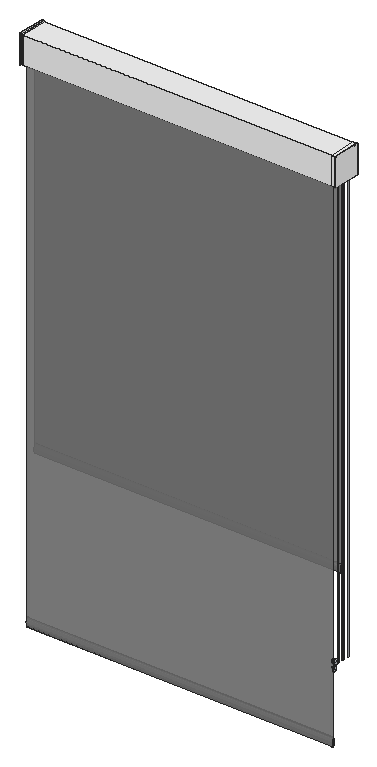
Revit family "WindowShade_RolleaseAcmeda_ContractSeries_5inFascia_DualShade_R20", category Specialty Equipment, host Wall, Revit 2020
Family settings
  Host = Wall
  Round Connector Dimension = Use Diameter
  Part Type = Normal
  Always vertical = Yes
  Cut with Voids When Loaded = No
  Shared = No
  Room Calculation Point = No
Parameters (values of type "5'W x 8'Drop - Manual Left - White")
  Weight Bar = RA - FINISH - WHITE
  URL = "https://www.rolleaseacmedacontract.com/resources/"
  Shade Width Calc = if(Input Bracket Width < 1' 6", 1' 6", if(Input Bracket Width > 12' 0", 12' 0", Input Bracket Width))  # 5' - 0"
  Shade 2 Calc = Shade Drop Calc * 0.7  # 5' - 7.2"
  Model = "RA - Contract Series"
  Manufacturer = "Rollease Acmeda"
  Input Bracket Width = 5' - 0"
  Shade Fabric = RA - FABRIC - AMBIENT REVIEW
  Shade Drop Calc = if(Input Shade Drop < 0' 0", 1' 0" / 12, if(Input Shade Drop > 12' 0", 12' 0", Input Shade Drop))  # 8' - 0"
  Input Shade Drop = 8' - 0"
  Description = "RAC Series 1 - 5\" Fascia System"
  Contact Email = "contract@rolleaseacmeda.com"
  Drive Motorized Calc = and(not([Drive Manual LH (Select One)]), not([Drive Manual RH (Select One)]))  # no
  Drive Manual Right Calc = and(not([Drive Manual LH (Select One)]), not([Drive Motorized (Select One)]))  # no
  Drive Manual Left Calc = and(not([Drive Manual RH (Select One)]), not([Drive Motorized (Select One)]))  # yes
  Drive Manual RH (Select One) = no
  Drive Manual LH (Select One) = yes
  Header Finish = RA - FINISH - WHITE
  Drive Motorized (Select One) = no
  Default Elevation = 10' - 0"
  Contact Phone = "1-800-552-5100"
  Chain Length = Shade Drop Calc * 0.85  # 6' - 9.6"
  Drop Bar Silent Weight = no
  Drop Bar Internal Hem = not(Drop Bar Silent Weight)  # yes
Types (3): name | Drive Motorized Calc | Drive Manual Right Calc | Drive Manual Left Calc | Drive Manual RH (Select One) | Drive Manual LH (Select One) | Drive Motorized (Select One)
  5'W x 8'Drop - Manual Left - White | no | no | yes | no | yes | no
  5'W x 8'Drop - Manual Right - White | no | yes | no | yes | no | no
  5'W x 8'Drop - Motorized - White | yes | no | no | no | no | yes
Reference planes (in)
  plane 1: y = 0
  plane 2 "Center (Left/Right)": x = 0
  plane 3 "Back": y = 3
  plane 4 "B.O. Header": z = 51.22662
  plane 5 "B.O. Shade": z = -44.77338
  plane 6: x = 30
  plane 7: x = -30
  plane 8: x = -29.19
  plane 9: x = 29.19
Forms (in)
  Extrusion 1, solid, material "RA - FABRIC - AMBIENT REVIEW" <- "Shade Fabric"
    sketch origin (0, 3, -30) x (1, 0, 0) y (0, 0, 1)
      loop
        line (29.19, 81.22662) -> (-29.19, 81.22662) -> (-29.19, -14.77338) -> (29.19, -14.77338) -> (29.19, 81.22662)
    from -0.5 to -0.625
  Sweep 2, solid, material "RA - FABRIC - AMBIENT REVIEW" <- "Shade Fabric", visible <- "Drop Bar Internal Hem", detail levels fine
    path in 3D
      loop
        line (29.19, 3.625, -44.77338) -> (-29.19, 3.625, -44.77338)
    profile "PROFILE - SEALED HEM : PROFILE - SEALED HEM" origin (0, 3.625, -44.77338) x (0, 1, 0) y (0, 0, -1)
      loop
        arc (-0.04652, -0.00918) -> (-0.21009, -0.8709) -> (-0.06158, -1.73535) r 2.46494
        line (-0.06158, -1.73535) -> (0.0003, -1.73535)
        arc (0.0003, -1.73535) -> (0.14882, -0.8709) -> (-0.01476, -0.00918) r 2.46494
        arc (-0.01476, -0.00918) -> (-0.03064, 0.00091) -> (-0.04652, -0.00918) r 0.01753
  Sweep 3, solid, material "RA - FINISH - WHITE" <- "Weight Bar", visible <- "Drop Bar Silent Weight", detail levels fine
    path in 3D
      loop
        line (29.19, 3.625, -44.77338) -> (-29.19, 3.625, -44.77338)
    profile "PROFILE - WEIGHTED DROP : PROFILE - WEIGHTED DROP" origin (0, 3.625, -44.77338) x (0, 1, 0) y (0, 0, -1)
      loop
        arc (0.17315, -1.26562) -> (0.2326, -0.91458) -> (0.23882, -0.55859) r 2.37109
        line (0.23882, -0.55859) -> (0.19081, -0.55859) -> (0.19081, -0.49609) -> (0.23438, -0.49609)
        arc (0.23438, -0.49609) -> (0.21114, -0.30933) -> (0.17315, -0.125) r 2.37109
        line (0.17315, -0.125) -> (0.0158, -0.125) -> (0.0158, 0) -> (-0.07014, 0) -> (-0.07014, -0.125) -> (-0.34638, -0.125) -> (-0.34638, -1.26562) -> (0.17315, -1.26562)
  Extrusion 4, solid, material "RA - FABRIC - AMBIENT REVIEW" <- "Shade Fabric"
    sketch origin (0, 3, -30) x (1, 0, 0) y (0, 0, 1)
      loop
        line (29.19, 81.22662) -> (-29.19, 81.22662) -> (-29.19, 14.02662) -> (29.19, 14.02662) -> (29.19, 81.22662)
    from -2.375 to -2.5
  Sweep 5, solid, material "RA - FABRIC - AMBIENT REVIEW" <- "Shade Fabric", visible <- "Drop Bar Internal Hem", detail levels fine
    path in 3D
      loop
        line (29.19, 5.5, -15.97338) -> (-29.19, 5.5, -15.97338)
    profile "PROFILE - SEALED HEM : PROFILE - SEALED HEM" origin (0, 5.5, -15.97338) x (0, 1, 0) y (0, 0, -1)
      loop
        arc (-0.01528, -1.72578) -> (0.1483, -0.86406) -> (-0.00022, 0.00039) r 2.46494
        line (-0.00022, 0.00039) -> (-0.0621, 0.00039)
        arc (-0.0621, 0.00039) -> (-0.21061, -0.86406) -> (-0.04704, -1.72578) r 2.46494
        arc (-0.04704, -1.72578) -> (-0.03116, -1.73587) -> (-0.01528, -1.72578) r 0.01753
  Sweep 6, solid, material "RA - FINISH - WHITE" <- "Weight Bar", visible <- "Drop Bar Silent Weight", detail levels fine
    path in 3D
      loop
        line (29.19, 5.5, -15.97338) -> (-29.19, 5.5, -15.97338)
    profile "PROFILE - WEIGHTED DROP : PROFILE - WEIGHTED DROP" origin (0, 5.5, -15.97338) x (0, 1, 0) y (0, 0, -1)
      loop
        arc (0.15959, -1.26172) -> (0.21904, -0.91068) -> (0.22526, -0.55469) r 2.37109
        line (0.22526, -0.55469) -> (0.17725, -0.55469) -> (0.17725, -0.49219) -> (0.22082, -0.49219)
        arc (0.22082, -0.49219) -> (0.19757, -0.30542) -> (0.15959, -0.12109) r 2.37109
        line (0.15959, -0.12109) -> (0.00224, -0.12109) -> (0.00224, 0.00391) -> (-0.0837, 0.00391) -> (-0.0837, -0.12109) -> (-0.35994, -0.12109) -> (-0.35994, -1.26172) -> (0.15959, -1.26172)
Lines and regions (in)
  sketch lines
    curve 1: line (29.19, 3.625, -44.77338) -> (-29.19, 3.625, -44.77338)
    curve 2: line (29.19, 3.625, -44.77338) -> (-29.19, 3.625, -44.77338)
    curve 3: line (29.19, 5.5, -15.97338) -> (-29.19, 5.5, -15.97338)
    curve 4: line (29.19, 5.5, -15.97338) -> (-29.19, 5.5, -15.97338)
Text (in)
  text "Placement Side" at (0, 40.15149, 123.01588), in view "Right"
  text "Placement Side" at (-58.6842, 42.74981, 0), in view "Ref. Level"
  text "Placement Side" at (0, 47.49176, 140.59947), in view "Left"
Dimensions and locks (in)
  locked: plane 3 "Back" to host wall
  "Shade Drop Calc": plane 5 "B.O. Shade" to plane 4 "B.O. Header"
  "Shade Drop Calc": Extrusion 1 sketch curve to Extrusion 1 sketch curve
  locked: nested 5 to plane 8 at 0.375
  "Chain Length": nested 5 to plane 4 "B.O. Header"
  locked: nested 9 to plane 9 at 0.375
  "Chain Length": nested 9 to plane 4 "B.O. Header"
  equal spacing: plane 6, plane 2 "Center (Left/Right)", plane 7
  "Shade Width Calc": plane 6 to plane 7
  "Shade 2 Calc": Extrusion 4 sketch curve to Extrusion 4 sketch curve
  locked: plane 6 to plane 9 at 0.81
  locked: plane 8 to plane 7 at 0.81
  aligned and locked: plane 8 to Extrusion 4 sketch curve
  aligned and locked: Extrusion 4 sketch curve to plane 9
  aligned and locked: Extrusion 1 sketch curve to plane 9
  aligned and locked: plane 8 to Extrusion 1 sketch curve
  aligned and locked: nested 7 to plane 6
  aligned and locked: plane 6 to nested 11
  aligned and locked: plane 6 to nested 3
  aligned and locked: nested 10 to plane 7
  aligned and locked: plane 7 to nested 6
  aligned and locked: nested 2 to plane 7
Automatic sketch dimensions
  Extrusion 1 sketch curve to plane 5 "B.O. Shade" = 0' - 0"
  Extrusion 4 sketch curve to plane 4 "B.O. Header" = 0' - 0"
Nested families (in)
  nested 1: "2.0GeneralHeader" at (0, 3, 53.51467) x (-1, 0, 0) z (0, 1, 0), type "2.0GeneralHeader"
    with Header Height 0' - 5 49/256", Header Depth 0' - 5 7/64"
  nested 2: "2.0HeaderCapChain" at (-30, 3, 54.67296) x (-1, 0, 0) z (0, 1, 0), visible <- "Drive Manual Right Calc", type "2.0HeaderCapChain"
    with Header Height 0' - 5 49/256", Header Depth 0' - 5 7/64"
  nested 3: "2.0HeaderCap" at (30, 3, 52.9717) x (1, 0, 0) z (0, 1, 0), visible <- "Drive Manual Right Calc", type "2.0HeaderCap"
    with Header Height 0' - 5 49/256", Header Depth 0' - 5 7/64"
  nested 4: "PULL CHAIN2" at (-29.5314, 5.1503, 51.22662) x (-1, 0, 0) z (0, 0, -1), visible <- "Drive Manual Right Calc", type "PULL CHAIN2", detail levels fine
    with CHAIN LENGTH 6' - 9.6"
  nested 5: "CHAIN HOLDER" at (-29.565, 3, -30.37338) x (1, 0, 0) z (0, 1, 0), visible <- "Drive Manual Right Calc", type "CHAIN HOLDER", detail levels fine
  nested 6: "2.0HeaderCap" at (-30, 3, 52.9717) x (-1, 0, 0) z (0, 1, 0), visible <- "Drive Manual Left Calc", type "2.0HeaderCap"
    with Header Height 0' - 5 49/256", Header Depth 0' - 5 7/64"
  nested 7: "2.0HeaderCapChain" at (30, 3, 54.67296) x (1, 0, 0) z (0, 1, 0), visible <- "Drive Manual Left Calc", type "2.0HeaderCapChain"
    with Header Height 0' - 5 49/256", Header Depth 0' - 5 7/64"
  nested 8: "PULL CHAIN2" at (29.6314, 5.1503, 51.22662) x (1, 0, 0) z (0, 0, -1), visible <- "Drive Manual Left Calc", type "PULL CHAIN2", detail levels fine
    with CHAIN LENGTH 6' - 9.6"
  nested 9: "CHAIN HOLDER" at (29.565, 3, -30.37338) x (1, 0, 0) z (0, 1, 0), visible <- "Drive Manual Left Calc", type "CHAIN HOLDER", detail levels fine
  nested 10: "2.0HeaderCapChain" at (-30, 3, 54.67296) x (-1, 0, 0) z (0, 1, 0), visible <- "Drive Motorized Calc", type "2.0HeaderCapChain"
    with Header Height 0' - 5 49/256", Header Depth 0' - 5 7/64"
  nested 11: "2.0HeaderCap" at (30, 3, 52.9717) x (1, 0, 0) z (0, 1, 0), visible <- "Drive Motorized Calc", type "2.0HeaderCap"
    with Header Height 0' - 5 49/256", Header Depth 0' - 5 7/64"
  nested 12: "PULL CHAIN2" at (-29.5314, 4.1503, 51.22662) x (-1, 0, 0) z (0, 0, -1), visible <- "Drive Manual Right Calc", type "PULL CHAIN2", detail levels fine
    with CHAIN LENGTH 6' - 9.6"
  nested 13: "PULL CHAIN2" at (29.6314, 4.11905, 51.22662) x (1, 0, 0) z (0, 0, -1), visible <- "Drive Manual Left Calc", type "PULL CHAIN2", detail levels fine
    with CHAIN LENGTH 6' - 9.6"
Definition of nested family "2.0GeneralHeader"
  Parameters (values of type "2.0GeneralHeader")
    Header Width = 5' - 0"
    Header Height = 0' - 3 59/128"
    Header Finish = none
    Header Depth = 0' - 3 37/128"
    Default Elevation = 4' - 0"
  Reference planes (in)
    plane 1 "Center (Front/Back)": y = 0
    plane 2: z = 0
    plane 3 "Center (Left/Right)": x = 0
    plane 4: x = -30
    plane 5: x = 30
    plane 6: y = 2.90336
    plane 7: y = -0.55757
    plane 8: z = 3.28906
  Forms (in)
    Extrusion 1, solid, material <- "Header Finish"
      sketch origin (0, 0, 0) x (1, 0, 0) y (0, 1, 0)
        loop
          line (-30, -0.55757) -> (30, -0.55757) -> (30, 2.90336) -> (-30, 2.90336) -> (-30, -0.55757)
      from 0 to 3.28906
  Lines and regions (in)
    Masking region 1
      outline origin (0, 0, 0) x (1, 0, 0) y (0, 1, 0)
        loop
          line (-30, 2.90336) -> (-30, -0.55757) -> (30, -0.55757) -> (30, 2.90336) -> (-30, 2.90336)
  Dimensions and locks (in)
    "Header Width": plane 4 to plane 5
    "Header Height": plane 7 to plane 6
    "Header Depth": plane 8 to plane 2
    equal spacing: plane 4, plane 3 "Center (Left/Right)", plane 5
    aligned and locked: plane 2 to level
    aligned and locked: plane 4 to Extrusion 1
    aligned and locked: Extrusion 1 to plane 5
    aligned and locked: Extrusion 1 to plane 6
    aligned and locked: Extrusion 1 to plane 7
    aligned and locked: plane 8 to Extrusion 1
    aligned and locked: plane 4 to Masking region 1
    aligned and locked: Masking region 1 to plane 7
    aligned and locked: Masking region 1 to plane 6
    aligned and locked: Masking region 1 to plane 5
  Automatic sketch dimensions
    Extrusion 1 sketch curve to plane 4 = 0' - 0"
    plane 5 to Extrusion 1 sketch curve = 0' - 0"
    Extrusion 1 sketch curve to plane 7 = 0' - 0"
    plane 6 to Extrusion 1 sketch curve = 0' - 0"
    Masking region 1 sketch curve to plane 4 = 0' - 0"
    plane 5 to Masking region 1 sketch curve = 0' - 0"
    Masking region 1 sketch curve to plane 7 = 0' - 0"
    plane 6 to Masking region 1 sketch curve = 0' - 0"
Definition of nested family "2.0HeaderCapChain"
  Parameters (values of type "2.0HeaderCapChain")
    Header Height = 0' - 3 59/128"
    Header Finish = none
    Header Depth = 0' - 3 37/128"
    End Cap Depth = 0' - 0 1/16"
    Default Elevation = 4' - 0"
  Reference planes (in)
    plane 1 "Center (Front/Back)": y = 0
    plane 2: z = 0
    plane 3 "Center (Left/Right)": x = 0
    plane 4 "FACE": x = -0.81
    plane 5: y = 1.74507
    plane 6: y = -1.71586
    plane 7: z = 3.28906
    plane 8: y = 1.80757
    plane 9: z = 3.35156
    plane 10: y = -1.77836
  Forms (in)
    Extrusion 1, solid, material <- "Header Finish"
      sketch origin (0, 0, 0) x (1, 0, 0) y (0, 1, 0)
        loop
          line (-0.81, -1.71586) -> (0, -1.71586) -> (0, 1.74507) -> (-0.81, 1.74507) -> (-0.81, -1.71586)
      from 0 to 3.28906
    Extrusion 2, solid, material <- "Header Finish"
      sketch origin (0, 0, 0) x (0, 1, 0) y (0, 0, 1)
        loop
          line (1.80757, 3.35156) -> (-1.77836, 3.35156) -> (-1.77836, 0) -> (1.80757, 0) -> (1.80757, 3.35156)
      from -0.0625 to 0
  Lines and regions (in)
    Masking region 1
      outline origin (0, 0, 0) x (1, 0, 0) y (0, 1, 0)
        loop
          line (-0.81, 1.74507) -> (-0.81, -1.71586) -> (0, -1.71586) -> (0, 1.74507) -> (-0.81, 1.74507)
  Dimensions and locks (in)
    "Header Height": plane 6 to plane 5
    "Header Depth": plane 7 to plane 2
    locked: plane 4 "FACE" to plane 3 "Center (Left/Right)" at 0.81
    "End Cap Depth": plane 9 to plane 7
    "End Cap Depth": plane 6 to plane 10
    "End Cap Depth": plane 8 to plane 5
    aligned and locked: plane 2 to level
    aligned and locked: plane 4 "FACE" to Extrusion 1
    aligned and locked: Extrusion 1 to plane 5
    aligned and locked: plane 6 to Extrusion 1
    aligned and locked: plane 7 to Extrusion 1
    aligned and locked: plane 4 "FACE" to Masking region 1
    aligned and locked: plane 6 to Masking region 1
    aligned and locked: Masking region 1 to plane 5
    aligned and locked: plane 3 "Center (Left/Right)" to Extrusion 1
    aligned and locked: Extrusion 2 sketch curve to Extrusion 1
    aligned and locked: Extrusion 2 sketch curve to plane 10
    aligned and locked: Extrusion 2 sketch curve to plane 9
    aligned and locked: plane 8 to Extrusion 2 sketch curve
    aligned and locked: plane 3 "Center (Left/Right)" to Masking region 1
  Automatic sketch dimensions
    Extrusion 1 sketch curve to plane 4 "FACE" = 0' - 0"
    Extrusion 1 sketch curve to plane 6 = 0' - 0"
    plane 5 to Extrusion 1 sketch curve = 0' - 0"
    Masking region 1 sketch curve to plane 4 "FACE" = 0' - 0"
    Masking region 1 sketch curve to plane 6 = 0' - 0"
    plane 5 to Masking region 1 sketch curve = 0' - 0"
    plane 3 "Center (Left/Right)" to Extrusion 1 sketch curve = 0' - 0"
    Masking region 1 sketch curve to plane 3 "Center (Left/Right)" = 0' - 0"
Definition of nested family "2.0HeaderCap"
  Parameters (values of type "2.0HeaderCap")
    Header Height = 0' - 3 59/128"
    Header Finish = none
    Header Depth = 0' - 3 37/128"
    End Cap Depth = 0' - 0 1/16"
    Default Elevation = 4' - 0"
  Reference planes (in)
    plane 1 "Center (Front/Back)": y = 0
    plane 2: z = 0
    plane 3 "Center (Left/Right)": x = 0
    plane 4: x = -0.46
    plane 5: y = 1.74507
    plane 6: y = -1.71586
    plane 7: z = 3.28906
    plane 8: y = 1.80757
    plane 9: z = 3.35156
    plane 10: y = -1.77836
  Forms (in)
    Extrusion 1, solid, material <- "Header Finish"
      sketch origin (0, 0, 0) x (1, 0, 0) y (0, 1, 0)
        loop
          line (-0.46, -1.71586) -> (0, -1.71586) -> (0, 1.74507) -> (-0.46, 1.74507) -> (-0.46, -1.71586)
      from 0 to 3.28906
    Extrusion 2, solid, material <- "Header Finish"
      sketch origin (0, 0, 0) x (0, 1, 0) y (0, 0, 1)
        loop
          line (1.80757, 3.35156) -> (-1.77836, 3.35156) -> (-1.77836, 0) -> (1.80757, 0) -> (1.80757, 3.35156)
      from -0.0625 to 0
  Lines and regions (in)
    Masking region 1
      outline origin (0, 0, 0) x (1, 0, 0) y (0, 1, 0)
        loop
          line (-0.46, 1.74507) -> (-0.46, -1.71586) -> (0, -1.71586) -> (0, 1.74507) -> (-0.46, 1.74507)
  Dimensions and locks (in)
    "Header Height": plane 6 to plane 5
    "Header Depth": plane 7 to plane 2
    locked: plane 4 to plane 3 "Center (Left/Right)" at 0.46
    "End Cap Depth": plane 9 to plane 7
    "End Cap Depth": plane 6 to plane 10
    "End Cap Depth": plane 8 to plane 5
    aligned and locked: plane 2 to level
    aligned and locked: plane 4 to Extrusion 1
    aligned and locked: Extrusion 1 to plane 5
    aligned and locked: plane 6 to Extrusion 1
    aligned and locked: plane 7 to Extrusion 1
    aligned and locked: plane 4 to Masking region 1
    aligned and locked: plane 6 to Masking region 1
    aligned and locked: Masking region 1 to plane 5
    aligned and locked: plane 3 "Center (Left/Right)" to Extrusion 1
    aligned and locked: Extrusion 2 sketch curve to Extrusion 1
    aligned and locked: Extrusion 2 sketch curve to plane 10
    aligned and locked: Extrusion 2 sketch curve to plane 9
    aligned and locked: plane 8 to Extrusion 2 sketch curve
    aligned and locked: plane 3 "Center (Left/Right)" to Masking region 1
  Automatic sketch dimensions
    Extrusion 1 sketch curve to plane 4 = 0' - 0"
    Extrusion 1 sketch curve to plane 6 = 0' - 0"
    plane 5 to Extrusion 1 sketch curve = 0' - 0"
    Masking region 1 sketch curve to plane 4 = 0' - 0"
    Masking region 1 sketch curve to plane 6 = 0' - 0"
    plane 5 to Masking region 1 sketch curve = 0' - 0"
    plane 3 "Center (Left/Right)" to Extrusion 1 sketch curve = 0' - 0"
    Masking region 1 sketch curve to plane 3 "Center (Left/Right)" = 0' - 0"
Definition of nested family "PULL CHAIN2"
  Parameters (values of type "PULL CHAIN2")
    MANUAL DRIVE CHAIN = yes
    Default Elevation = 4' - 0"
    CHAIN LENGTH = 4' - 0"
  Reference planes (in)
    plane 1 "Center (Front/Back)": y = 0
    plane 2 "bottom": z = 0
    plane 3 "Center (Left/Right)": x = 0
    plane 4 "top": z = 48
  Forms (in)
    Extrusion 1, solid
      sketch origin (0, 0, 0) x (1, 0, 0) y (0, 1, 0)
        loop
          circle (0, 0) r 0.0625
        loop
          circle (0, 1.25) r 0.0625
      from 0 to 48
  Dimensions and locks (in)
    plane 4 "top" to plane 2 "bottom" = 4' - 0"
    "CHAIN LENGTH": plane 4 "top" to plane 2 "bottom"
    aligned and locked: plane 2 "bottom" to level
    aligned and locked: plane 4 "top" to Extrusion 1
    aligned and locked: Extrusion 1 to plane 2 "bottom"
  Automatic sketch dimensions
    Extrusion 1 sketch curve to plane 3 "Center (Left/Right)" = 0' - 0"  (x2)
    plane 1 "Center (Front/Back)" to Extrusion 1 sketch curve = 0' - 0"
    Extrusion 1 sketch curve to Extrusion 1 sketch curve = 0' - 1 1/4"
    radius of Extrusion 1 sketch curve = 0' - 0 1/16"  (x2)
Definition of nested family "CHAIN HOLDER"
  Parameters (values of type "CHAIN HOLDER")
    Default Elevation = 4' - 0"
  Reference planes (in)
    plane 1 "Center (Front/Back)": y = 0
    plane 2: z = 0
    plane 3 "Center (Left/Right)": x = 0
  Forms (in)
    Extrusion 1, solid
      sketch origin (0, -0.90475, 0) x (1, 0, 0) y (0, 1, 0)
        loop
          line (-0.15144, 0) -> (0.15144, 0)
          arc (0.15144, 0) -> (0.30013, 0.06647) -> (0.34975, 0.2216) r 0.19953
          line (0.34975, 0.2216) -> (0.16523, 1.87945)
          arc (0.16523, 1.87945) -> (0.12687, 1.95389) -> (0.04865, 1.98378) r 0.1173
          line (0.04865, 1.98378) -> (-0.04865, 1.98378)
          arc (-0.04865, 1.98378) -> (-0.12687, 1.95389) -> (-0.16523, 1.87945) r 0.1173
          line (-0.16523, 1.87945) -> (-0.34975, 0.2216)
          arc (-0.34975, 0.2216) -> (-0.30013, 0.06647) -> (-0.15144, 0) r 0.19953
        loop
          circle (0, 0.2615) r 0.125
        loop
          circle (0, 1.66775) r 0.125
      from 0 to 0.5
    Extrusion 2, void
      sketch origin (0, -0.90475, 0) x (1, 0, 0) y (0, 1, 0)
        loop
          line (-0.3577, 1.23378) -> (-0.3577, 0.65475) -> (0.3436, 0.65475) -> (0.3436, 1.23378) -> (-0.3577, 1.23378)
      from 0 to 0.375
  Cuts and joins
    Extrusion 2 cuts Extrusion 1
  Dimensions and locks (in)
    aligned and locked: plane 2 to level
